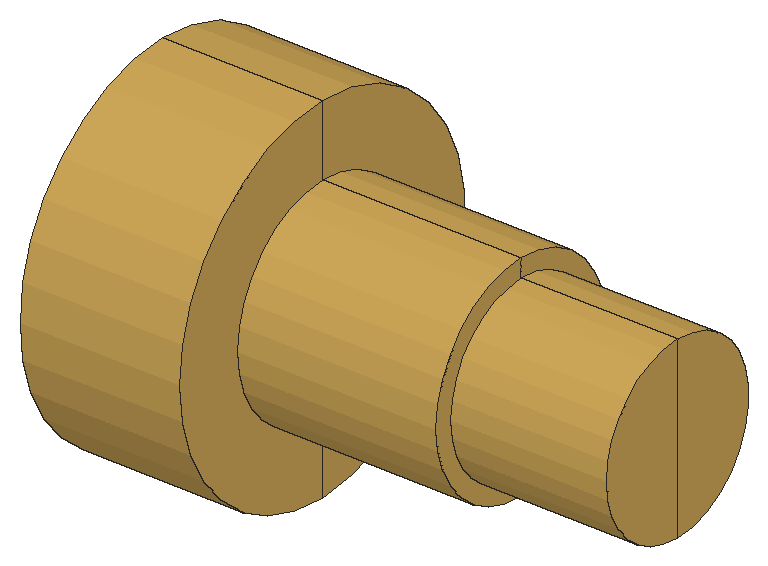
Revit family "6210 44_Heizkörperanschluß mit Konus", category Rohrformteile, Revit 2021
Family settings
  Bemaßung runder Anschluss = Durchmesser verwenden
  Teiletyp = Verbindung
  OmniClass-Nummer = 23.65.55.14
  OmniClass-Titel = Valves for Liquid Services
  Arbeitsebenenbasiert = Nein
  Immer vertikal = Ja
  Beim Laden mit Abzugskörper schneiden = Nein
  Gemeinsam genutzt = Nein
Parameters (values of type "G5/8 x R1/2")
  Vorgabe-Ansicht = 0 mm
  URL = "www.herz-armaturen.at"
  SCRNSEQ = "AWI;AWI_TYP=\"1001\";2"
  SCRNCODE = "07;01;02"  # constant formula
  S02 = 8 mm  # constant formula
  S01 [instance] = GT  # 8 mm
  Nennweite_AG = 15 mm  # constant formula
  Nennweite_IG = 15 mm  # constant formula
  Mutter = "Messing CW614N, gelb"  # constant formula
  Max. Betriebstemperatur = 110 °C  # constant formula
  Max. Betriebsdruck = 1000000.0 Pa  # constant formula
  Medium = "Heizungswasser nach ÖNORM H5195 oder VDI- Richtlinie 2035.\r\nDie Verwendung von Ethylen- oder Propyleneglykol in einem Mischungsverhältnis 25- 50% ist zulässig."
  L03 = 18 mm  # constant formula
  GT [instance] = 8 mm  # constant formula
  L02 = 13.2 mm  # constant formula
  L01 [instance] = 13.5 mm  # constant formula
  L00 [instance] = 43.5 mm  # constant formula
  Hersteller = "HERZ Armaturen Ges.m.b.H."  # constant formula
  D04 = 7.5 mm  # constant formula
  Bestellnummer = 1621044  # constant formula
  D03 = 10.6 mm  # constant formula
  D02 = 9 mm  # constant formula
  D01 = 7.5 mm  # constant formula
  D00 = 15 mm  # constant formula
  Ausführung = "Heizkörperanschluss konisch dichtend, Mutter und Anschlussstück ohne Abdeckhülse für DELUXE."
  Anschlussstück = "Messing CW614N, gelb"  # constant formula
Reference planes
  plane 1 "Mitte (Vorne/hinten)": y = 0
  plane 2: z = 0
  plane 3 "Mitte (Links/rechts)": x = 0
Forms (mm)
  Revolve 1, solid, material "Messing, weicher Gelbton, geschweißt", detail levels fine
    sketch origin (0, 0, 0) x (1, 0, 0) y (0, 0, 1)
      loop
        line (0, 7.5) -> (8, 7.5) -> (8, 0) -> (43.5, 0) -> (43.5, 7.5) -> (30.3, 7.5) -> (30.3, 9) -> (13.5, 9) -> (13.5, 15) -> (0, 15) -> (0, 7.5)
      axis (0, 0) -> (43.5, 0)
    angle from 0 to 360
Lines and regions (mm)
  model lines, detail levels coarse+medium
    curve 1: line (0, 0, 0) -> (43.5, 0, 0)
    curve 2: line (8, 0, 15) -> (8, 0, -15)
    curve 3: line (8, 0, -15) -> (16, 0, -15)
    curve 4: line (16, 0, -15) -> (8, 0, 0)
    curve 5: line (8, 0, 15) -> (16, 0, 15)
    curve 6: line (16, 0, 15) -> (8, 0, 0)
    curve 7: line (8, 15, 0) -> (8, -15, 0)
    curve 8: line (8, -15, 0) -> (16, -15, 0)
    curve 9: line (16, -15, 0) -> (8, 0, 0)
    curve 10: line (8, 15, 0) -> (16, 15, 0)
    curve 11: line (16, 15, 0) -> (8, 0, 0)
Dimensions and locks
  "L01": Revolve 1 sketch curve to plane 3 "Mitte (Links/rechts)"
  "L00": Revolve 1 sketch curve to plane 3 "Mitte (Links/rechts)"
  "D00": Revolve 1 sketch curve to plane 2
  "D01": Revolve 1 sketch curve to plane 2
  "D02": Revolve 1 sketch curve to plane 2
  "GT": Revolve 1 sketch curve to plane 3 "Mitte (Links/rechts)"
  "L00": curve 1 to curve 1
  "S01": curve 2 to plane 3 "Mitte (Links/rechts)"
  "S02": curve 2 to curve 6
  "S02": curve 2 to curve 4
  "S01": curve 1 to curve 7
  "S02": curve 7 to curve 11
  "S02": curve 7 to curve 9
  "D00": curve 8 to plane 1 "Mitte (Vorne/hinten)" to curve 10
  "D00": curve 5 to plane 2 to curve 3
  "D04": Revolve 1 sketch curve to plane 2
  "L02": Revolve 1 sketch curve to Revolve 1 sketch curve
  aligned and locked: level to plane 2
Automatic sketch dimensions
  curve 1 to level = 0 mm
  curve 1 to plane 3 "Mitte (Links/rechts)" = 0 mm
  curve 4 to level = 0 mm
  curve 6 to curve 4 = 0 mm
  plane 1 "Mitte (Vorne/hinten)" to curve 9 = 0 mm
  plane 1 "Mitte (Vorne/hinten)" to curve 11 = 0 mm
  Revolve 1 sketch curve to level = 0 mm  (x2)
  Revolve 1 sketch curve to plane 3 "Mitte (Links/rechts)" = 0 mm
  Revolve 1 sketch curve to plane 3 "Mitte (Links/rechts)" = 1506.53 mm
  Revolve 1 sketch curve to Revolve 1 sketch curve = 1792.148 mm
Connectors
  piping at (8, 0, 0), diameter 15, driven by "Nennweite_IG"
    settings: on Revolve 1, index 1, connector inside diameter 609.6 mm, connector length 0 mm, flow factor 0, pipe flow 0.0 L/s, pressure drop 0.0 Pa, fitting loss kfactor 0, connector angle 0.00°, fixture units 0, engagement length 0 mm, angle of deflection 0.00°, flow configuration 0, flow direction 0, fitting loss method 0, system type 29, joint type 0, gender type 0, connector reference index -1, connector utility 0, adjustable connector no, is connector primary yes, connector description ""
  piping at (43.5, 0, 0), diameter 15, driven by "Nennweite_AG"
    settings: on Revolve 1, index 2, connector inside diameter 609.6 mm, connector length 0 mm, flow factor 0, pipe flow 0.0 L/s, pressure drop 0.0 Pa, fitting loss kfactor 0, connector angle 0.00°, fixture units 0, engagement length 0 mm, angle of deflection 0.00°, flow configuration 0, flow direction 0, fitting loss method 0, system type 29, joint type 0, gender type 0, connector reference index -1, connector utility 0, adjustable connector no, is connector primary no, connector description ""
